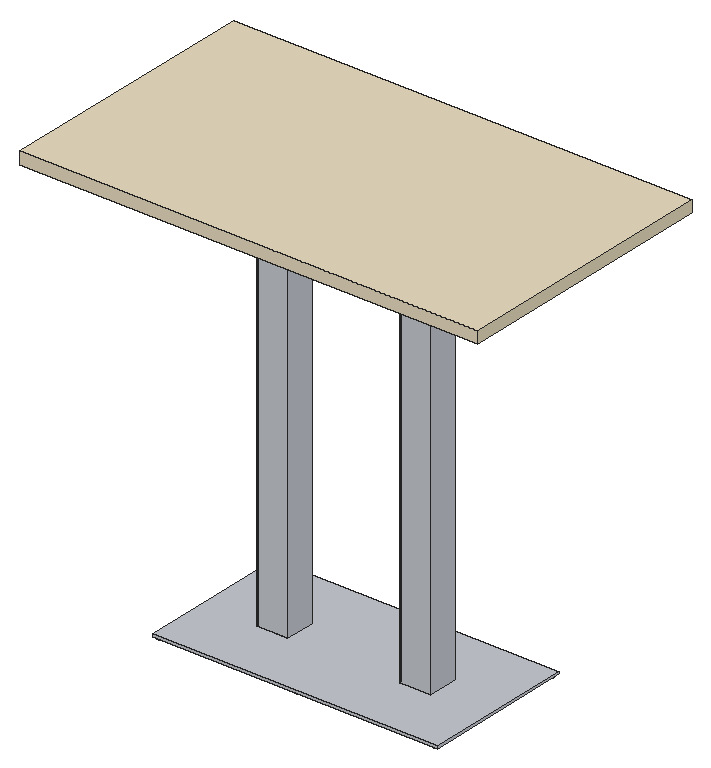
Revit family "FU_Table_Sandler_591AQ-MT", category Furniture, Revit 2020
Family settings
  OmniClass Number = 23.40.20.00
  OmniClass Title = General Furniture and Specialties
  Work Plane-Based = No
  Always vertical = Yes
  Cut with Voids When Loaded = No
  Shared = No
  Room Calculation Point = No
Parameters (values of type "591AQ-MT - 28x48" Top")
  Width = 747 mm
  URL = "https://www.sandlerseating.com/product/591aq-mt/"
  Top Type = FU_TableTops_591AQ-MT : 28x48" Top (70x120cm)
  Top Finish [instance] = Wood - Beech - Honey Stained
  Model = "591AQ-MT"
  Manufacturer = "Sandler"
  Height = 1100 mm
  Frame Finish [instance] = Metal - Paint -AL VR - White Aluminium
  Description = "Double column table base. Available in powdercoat and painted finishes.\r\nOptional upcharge for outdoor version with galvanized-treated frame and adjustable feet."
  Depth = 397 mm
  Default Elevation = 0 mm
Types (4, lengths in mm): name | Top Type | Top Finish | Frame Finish
  591AQ-MT - 28x48" Top | FU_TableTops_591AQ-MT : 28x48" Top (70x120cm) | Wood - Beech - Honey Stained | Metal - Paint -AL VR - White Aluminium
  591AQ-MT - 28x52" Top | FU_TableTops_591AQ-MT : 28x52" Top (70x130cm) | Wood - Beech - Grey Stained | Metal - Paint -AL VR - Pure White
  591AQ-MT - 32x48" Top | FU_TableTops_591AQ-MT : 32x48" Top (80x120cm) | Wood - Beech - Dark Brown Stained | Metal - Paint -AL VR - Rough Metallic Bronze
  591AQ-MT - 32x52" Top | FU_TableTops_591AQ-MT : 32x52" Top (80x130cm) | Wood - Beech - Chestnut Stained | Metal - Paint -AL VR - Anthracite Grey
Reference planes
  plane 1 "Center (Front/Back)": y = 0
  plane 2: z = 0
  plane 3 "Center (Left/Right)": x = 0
  plane 4 "Right": x = -373.5
  plane 5 "Left": x = 373.5
  plane 6 "Back": y = 198.5
  plane 7 "Front": y = -198.5
  plane 8 "Height": z = 1100
  plane 9 "Glide height": z = 4
  plane 10 "LG H": y = 185.83
  plane 11: x = -360.83
  plane 12: x = -187.5
Forms (mm)
  Extrusion 1, solid, material "Metal - Paint -AL VR - White Aluminium" <- "Frame Finish"
    sketch origin (0, 0, 4) x (-1, 0, 0) y (0, -1, 0)
      loop
        line (373.5, -198.5) -> (373.5, 198.5) -> (-373.5, 198.5) -> (-373.5, -198.5) -> (373.5, -198.5)
    from 0 to 6
  Revolve 2, solid, material "Rubber, Black"
    sketch origin (0, 185.83, 0) x (-1, 0, 0) y (0, 0, 1)
      loop
        line (370.83, 4) -> (360.83, 4) -> (360.83, 0) -> (368.83, 0)
        arc (368.83, 0) -> (370.244, 0.586) -> (370.83, 2) r 2
        line (370.83, 2) -> (370.83, 4)
      axis (360.83, 4) -> (360.83, 0)
    angle from 0 to 360
  Revolve 3, solid, material "Rubber, Black"
    sketch origin (0, 185.83, 0) x (1, 0, 0) y (0, 0, 1)
      loop
        line (370.83, 4) -> (360.83, 4) -> (360.83, 0) -> (368.83, 0)
        arc (368.83, 0) -> (370.244, 0.586) -> (370.83, 2) r 2
        line (370.83, 2) -> (370.83, 4)
      axis (360.83, 4) -> (360.83, 0)
    angle from 0 to 360
  Revolve 4, solid, material "Rubber, Black"
    sketch origin (0, -185.83, 0) x (-1, 0, 0) y (0, 0, -1)
      loop
        line (370.83, -4) -> (370.83, -2)
        arc (370.83, -2) -> (370.244, -0.586) -> (368.83, 0) r 2
        line (368.83, 0) -> (360.83, 0) -> (360.83, -4) -> (370.83, -4)
      axis (360.83, -4) -> (360.83, 0)
    angle from 0 to 360
  Revolve 5, solid, material "Rubber, Black"
    sketch origin (0, -185.83, 0) x (1, 0, 0) y (0, 0, 1)
      loop
        line (370.83, 4) -> (360.83, 4) -> (360.83, 0) -> (368.83, 0)
        arc (368.83, 0) -> (370.244, 0.586) -> (370.83, 2) r 2
        line (370.83, 2) -> (370.83, 4)
      axis (360.83, 4) -> (360.83, 0)
    angle from 0 to 360
  Revolve 6, solid, material "Rubber, Black"
    sketch origin (-360.83, 185.83, 0) x (1, 0, 0) y (0, 0, 1)
      loop
        line (370.83, 4) -> (360.83, 4) -> (360.83, 0) -> (368.83, 0)
        arc (368.83, 0) -> (370.244, 0.586) -> (370.83, 2) r 2
        line (370.83, 2) -> (370.83, 4)
      axis (360.83, 4) -> (360.83, 0)
    angle from 0 to 360
  Revolve 7, solid, material "Rubber, Black"
    sketch origin (-360.83, -185.83, 0) x (1, 0, 0) y (0, 0, 1)
      loop
        line (370.83, 4) -> (360.83, 4) -> (360.83, 0) -> (368.83, 0)
        arc (368.83, 0) -> (370.244, 0.586) -> (370.83, 2) r 2
        line (370.83, 2) -> (370.83, 4)
      axis (360.83, 4) -> (360.83, 0)
    angle from 0 to 360
  Extrusion 8, solid, material "Metal - Paint -AL VR - White Aluminium" <- "Frame Finish"
    sketch origin (0, 0, 4) x (-1, 0, 0) y (0, -1, 0)
      loop
        line (227.5, -40) -> (227.5, 40) -> (147.5, 40) -> (147.5, -40) -> (227.5, -40)
      loop
        line (225.5, -38) -> (225.5, 38) -> (149.5, 38) -> (149.5, -38) -> (225.5, -38)
    from 6 to 1076
  Extrusion 9, solid, material "Metal - Paint -AL VR - White Aluminium" <- "Frame Finish"
    sketch origin (0, 0, 4) x (1, 0, 0) y (0, 1, 0)
      loop
        line (227.5, 40) -> (147.5, 40) -> (147.5, -40) -> (227.5, -40) -> (227.5, 40)
      loop
        line (225.5, 38) -> (149.5, 38) -> (149.5, -38) -> (225.5, -38) -> (225.5, 38)
    from 6 to 1076
  Extrusion 10, solid, material "Metal - Paint -AL VR - White Aluminium" <- "Frame Finish"
    sketch origin (0, 0, 1100) x (-1, 0, 0) y (0, -1, 0)
      loop
        line (235.5, 44.024) -> (307.236, 115.76)
        arc (307.236, 115.76) -> (304.418, 118.6) -> (301.532, 121.37) r 166.741
        line (301.532, 121.37) -> (227.879, 47.718) -> (147.12, 47.718) -> (73.468, 121.37)
        arc (73.468, 121.37) -> (70.582, 118.6) -> (67.764, 115.76) r 166.741
        line (67.764, 115.76) -> (139.5, 44.024) -> (139.5, -44.024) -> (67.486, -116.038)
        arc (67.486, -116.038) -> (70.298, -118.884) -> (73.177, -121.661) r 166.741
        line (73.177, -121.661) -> (146.556, -48.282) -> (228.444, -48.282) -> (301.823, -121.661)
        arc (301.823, -121.661) -> (304.702, -118.884) -> (307.514, -116.038) r 166.741
        line (307.514, -116.038) -> (235.5, -44.024) -> (235.5, 44.024)
    from -5.84 to -20
  Extrusion 11, solid, material "Metal - Paint -AL VR - White Aluminium" <- "Frame Finish"
    sketch origin (0, 0, 1100) x (-1, 0, 0) y (0, -1, 0)
      loop
        arc (235.5, 9.198) -> (237.694, 20.46) -> (243.955, 30.074) r 30
        line (243.955, 30.074) -> (342.527, 131.809)
        arc (342.527, 131.809) -> (344.782, 137.439) -> (342.439, 143.033) r 8
        line (342.439, 143.033) -> (329.622, 155.85)
        arc (329.622, 155.85) -> (323.965, 158.193) -> (318.308, 155.85) r 8
        line (318.308, 155.85) -> (219.527, 57.069)
        arc (219.527, 57.069) -> (209.794, 50.566) -> (198.314, 48.282) r 30
        line (198.314, 48.282) -> (176.686, 48.282)
        arc (176.686, 48.282) -> (165.206, 50.566) -> (155.473, 57.069) r 30
        line (155.473, 57.069) -> (56.692, 155.85)
        arc (56.692, 155.85) -> (51.035, 158.193) -> (45.378, 155.85) r 8
        line (45.378, 155.85) -> (32.561, 143.033)
        arc (32.561, 143.033) -> (30.218, 137.439) -> (32.473, 131.809) r 8
        line (32.473, 131.809) -> (131.045, 30.074)
        arc (131.045, 30.074) -> (137.306, 20.46) -> (139.5, 9.198) r 30
        line (139.5, 9.198) -> (139.5, -9.198)
        arc (139.5, -9.198) -> (137.306, -20.46) -> (131.045, -30.074) r 30
        line (131.045, -30.074) -> (32.473, -131.809)
        arc (32.473, -131.809) -> (30.218, -137.439) -> (32.561, -143.033) r 8
        line (32.561, -143.033) -> (45.378, -155.85)
        arc (45.378, -155.85) -> (51.035, -158.193) -> (56.692, -155.85) r 8
        line (56.692, -155.85) -> (155.473, -57.069)
        arc (155.473, -57.069) -> (165.206, -50.566) -> (176.686, -48.282) r 30
        line (176.686, -48.282) -> (198.314, -48.282)
        arc (198.314, -48.282) -> (209.794, -50.566) -> (219.527, -57.069) r 30
        line (219.527, -57.069) -> (318.308, -155.85)
        arc (318.308, -155.85) -> (323.965, -158.193) -> (329.622, -155.85) r 8
        line (329.622, -155.85) -> (342.439, -143.033)
        arc (342.439, -143.033) -> (344.782, -137.439) -> (342.527, -131.809) r 8
        line (342.527, -131.809) -> (243.955, -30.074)
        arc (243.955, -30.074) -> (237.694, -20.46) -> (235.5, -9.198) r 30
        line (235.5, -9.198) -> (235.5, 9.198)
      loop
        line (53.101, -141.055) -> (62.998, -131.158)
        arc (62.998, -131.158) -> (62.998, -125.502) -> (57.342, -125.502) r 3.999
        line (57.342, -125.502) -> (47.445, -135.399)
        arc (47.445, -135.399) -> (47.5, -141.001) -> (53.101, -141.055) r 4
      loop
        arc (321.899, -141.055) -> (327.5, -141.001) -> (327.555, -135.399) r 4
        line (327.555, -135.399) -> (317.658, -125.502)
        arc (317.658, -125.502) -> (312.002, -125.502) -> (312.002, -131.158) r 3.999
        line (312.002, -131.158) -> (321.899, -141.055)
      loop
        arc (53.101, 141.055) -> (47.5, 141.001) -> (47.445, 135.399) r 4
        line (47.445, 135.399) -> (57.342, 125.502)
        arc (57.342, 125.502) -> (62.998, 125.502) -> (62.998, 131.158) r 3.999
        line (62.998, 131.158) -> (53.101, 141.055)
      loop
        line (321.899, 141.055) -> (312.002, 131.158)
        arc (312.002, 131.158) -> (312.002, 125.502) -> (317.658, 125.502) r 3.999
        line (317.658, 125.502) -> (327.555, 135.399)
        arc (327.555, 135.399) -> (327.5, 141.001) -> (321.899, 141.055) r 4
      loop
        circle (187.5, 0) r 7.5
    from -9.84 to 0
  Extrusion 12, solid, material "Metal - Paint -AL VR - White Aluminium" <- "Frame Finish"
    sketch origin (0, 0, 1100) x (1, 0, 0) y (0, 1, 0)
      loop
        line (235.5, -44.024) -> (235.5, 44.024) -> (307.514, 116.038)
        arc (307.514, 116.038) -> (304.702, 118.884) -> (301.823, 121.661) r 166.741
        line (301.823, 121.661) -> (228.444, 48.282) -> (146.556, 48.282) -> (73.177, 121.661)
        arc (73.177, 121.661) -> (70.298, 118.884) -> (67.486, 116.038) r 166.741
        line (67.486, 116.038) -> (139.5, 44.024) -> (139.5, -44.024) -> (67.764, -115.76)
        arc (67.764, -115.76) -> (70.582, -118.6) -> (73.468, -121.37) r 166.741
        line (73.468, -121.37) -> (147.12, -47.718) -> (227.879, -47.718) -> (301.532, -121.37)
        arc (301.532, -121.37) -> (304.418, -118.6) -> (307.236, -115.76) r 166.741
        line (307.236, -115.76) -> (235.5, -44.024)
    from -5.84 to -20
  Extrusion 13, solid, material "Metal - Paint -AL VR - White Aluminium" <- "Frame Finish"
    sketch origin (0, 0, 1100) x (1, 0, 0) y (0, 1, 0)
      loop
        line (235.5, -9.198) -> (235.5, 9.198)
        arc (235.5, 9.198) -> (237.694, 20.46) -> (243.955, 30.074) r 30
        line (243.955, 30.074) -> (342.527, 131.809)
        arc (342.527, 131.809) -> (344.782, 137.439) -> (342.439, 143.033) r 8
        line (342.439, 143.033) -> (329.622, 155.85)
        arc (329.622, 155.85) -> (323.965, 158.193) -> (318.308, 155.85) r 8
        line (318.308, 155.85) -> (219.527, 57.069)
        arc (219.527, 57.069) -> (209.794, 50.566) -> (198.314, 48.282) r 30
        line (198.314, 48.282) -> (176.686, 48.282)
        arc (176.686, 48.282) -> (165.206, 50.566) -> (155.473, 57.069) r 30
        line (155.473, 57.069) -> (56.692, 155.85)
        arc (56.692, 155.85) -> (51.035, 158.193) -> (45.378, 155.85) r 8
        line (45.378, 155.85) -> (32.561, 143.033)
        arc (32.561, 143.033) -> (30.218, 137.439) -> (32.473, 131.809) r 8
        line (32.473, 131.809) -> (131.045, 30.074)
        arc (131.045, 30.074) -> (137.306, 20.46) -> (139.5, 9.198) r 30
        line (139.5, 9.198) -> (139.5, -9.198)
        arc (139.5, -9.198) -> (137.306, -20.46) -> (131.045, -30.074) r 30
        line (131.045, -30.074) -> (32.473, -131.809)
        arc (32.473, -131.809) -> (30.218, -137.439) -> (32.561, -143.033) r 8
        line (32.561, -143.033) -> (45.378, -155.85)
        arc (45.378, -155.85) -> (51.035, -158.193) -> (56.692, -155.85) r 8
        line (56.692, -155.85) -> (155.473, -57.069)
        arc (155.473, -57.069) -> (165.206, -50.566) -> (176.686, -48.282) r 30
        line (176.686, -48.282) -> (198.314, -48.282)
        arc (198.314, -48.282) -> (209.794, -50.566) -> (219.527, -57.069) r 30
        line (219.527, -57.069) -> (318.308, -155.85)
        arc (318.308, -155.85) -> (323.965, -158.193) -> (329.622, -155.85) r 8
        line (329.622, -155.85) -> (342.439, -143.033)
        arc (342.439, -143.033) -> (344.782, -137.439) -> (342.527, -131.809) r 8
        line (342.527, -131.809) -> (243.955, -30.074)
        arc (243.955, -30.074) -> (237.694, -20.46) -> (235.5, -9.198) r 30
      loop
        arc (53.101, 141.055) -> (47.5, 141.001) -> (47.445, 135.399) r 4
        line (47.445, 135.399) -> (57.342, 125.502)
        arc (57.342, 125.502) -> (62.998, 125.502) -> (62.998, 131.158) r 3.999
        line (62.998, 131.158) -> (53.101, 141.055)
      loop
        line (321.899, 141.055) -> (312.002, 131.158)
        arc (312.002, 131.158) -> (312.002, 125.502) -> (317.658, 125.502) r 3.999
        line (317.658, 125.502) -> (327.555, 135.399)
        arc (327.555, 135.399) -> (327.5, 141.001) -> (321.899, 141.055) r 4
      loop
        line (53.101, -141.055) -> (62.998, -131.158)
        arc (62.998, -131.158) -> (62.998, -125.502) -> (57.342, -125.502) r 3.999
        line (57.342, -125.502) -> (47.445, -135.399)
        arc (47.445, -135.399) -> (47.5, -141.001) -> (53.101, -141.055) r 4
      loop
        arc (321.899, -141.055) -> (327.5, -141.001) -> (327.555, -135.399) r 4
        line (327.555, -135.399) -> (317.658, -125.502)
        arc (317.658, -125.502) -> (312.002, -125.502) -> (312.002, -131.158) r 3.999
        line (312.002, -131.158) -> (321.899, -141.055)
      loop
        circle (187.5, 0) r 7.5
    from -9.84 to 0
Cuts and joins
  joined: Extrusion 1, Extrusion 8, Extrusion 9, Extrusion 10, Extrusion 11, Extrusion 12, Extrusion 13
Dimensions and locks
  equal spacing: plane 4 "Right", plane 3 "Center (Left/Right)", plane 5 "Left"
  "Width": plane 4 "Right" to plane 5 "Left"
  equal spacing: plane 6 "Back", plane 1 "Center (Front/Back)", plane 7 "Front"
  "Depth": plane 6 "Back" to plane 7 "Front"
  "Height": plane 8 "Height" to level
  plane 9 "Glide height" to level = 4 mm
  aligned and locked: level to plane 2
Automatic sketch dimensions
  Extrusion 1 sketch curve to plane 5 "Left" = 0 mm
  Extrusion 1 sketch curve to plane 4 "Right" = 0 mm
  Extrusion 1 sketch curve to plane 6 "Back" = 0 mm
  Extrusion 1 sketch curve to plane 7 "Front" = 0 mm
  Revolve 2 sketch curve to plane 9 "Glide height" = 0 mm  (x2)
  plane 11 to Revolve 2 sketch curve = 0 mm  (x2)
  Revolve 2 sketch curve to level = 0 mm
  level to Revolve 2 sketch curve = 2 mm
  Revolve 2 sketch curve to plane 4 "Right" = 4.67 mm
  Revolve 2 sketch curve to level = 1.303 mm
  Revolve 3 sketch curve to plane 9 "Glide height" = 0 mm  (x2)
  Revolve 3 sketch curve to level = 0 mm
  Revolve 3 sketch curve to plane 5 "Left" = 12.67 mm
  Revolve 3 sketch curve to level = 2 mm
  Revolve 3 sketch curve to plane 5 "Left" = 4.67 mm
  Revolve 3 sketch curve to Revolve 3 sketch curve = 0 mm
  Revolve 3 sketch curve to Revolve 3 sketch curve = 1.303 mm
  Revolve 4 sketch curve to plane 9 "Glide height" = 0 mm  (x2)
  plane 11 to Revolve 4 sketch curve = 0 mm  (x2)
  Revolve 4 sketch curve to level = 0 mm
  level to Revolve 4 sketch curve = 2 mm
  Revolve 4 sketch curve to plane 4 "Right" = 4.67 mm
  Revolve 4 sketch curve to level = 1.303 mm
  Revolve 5 sketch curve to plane 9 "Glide height" = 0 mm  (x2)
  Revolve 5 sketch curve to level = 0 mm
  plane 5 "Left" to Revolve 5 sketch curve = 12.67 mm
  level to Revolve 5 sketch curve = 2 mm
  plane 5 "Left" to Revolve 5 sketch curve = 4.67 mm
  Revolve 5 sketch curve to Revolve 5 sketch curve = 0 mm
  Revolve 5 sketch curve to Revolve 5 sketch curve = 1.303 mm
  Revolve 6 sketch curve to plane 9 "Glide height" = 0 mm  (x2)
  Revolve 6 sketch curve to level = 0 mm
  plane 3 "Center (Left/Right)" to Revolve 6 sketch curve = 0 mm
  Revolve 6 sketch curve to level = 2 mm
  Revolve 6 sketch curve to plane 3 "Center (Left/Right)" = 8 mm
  Revolve 6 sketch curve to Revolve 6 sketch curve = 0 mm
  Revolve 6 sketch curve to Revolve 6 sketch curve = 1.303 mm
  Revolve 7 sketch curve to plane 9 "Glide height" = 0 mm  (x2)
  Revolve 7 sketch curve to level = 0 mm
  Revolve 7 sketch curve to plane 3 "Center (Left/Right)" = 0 mm
  level to Revolve 7 sketch curve = 2 mm
  plane 3 "Center (Left/Right)" to Revolve 7 sketch curve = 8 mm
  Revolve 7 sketch curve to Revolve 7 sketch curve = 0 mm
  Revolve 7 sketch curve to Revolve 7 sketch curve = 1.303 mm
  Extrusion 8 sketch curve to plane 12 = 40 mm
  Extrusion 8 sketch curve to Extrusion 8 sketch curve = 2 mm  (x4)
  plane 12 to Extrusion 8 sketch curve = 38 mm
  Extrusion 8 sketch curve to plane 1 "Center (Front/Back)" = 40 mm
  plane 1 "Center (Front/Back)" to Extrusion 8 sketch curve = 38 mm
  plane 1 "Center (Front/Back)" to Extrusion 9 sketch curve = 40 mm
  Extrusion 9 sketch curve to plane 3 "Center (Left/Right)" = 147.5 mm
  Extrusion 9 sketch curve to Extrusion 9 sketch curve = 2 mm  (x4)
  Extrusion 9 sketch curve to Extrusion 9 sketch curve = 76 mm
  Extrusion 9 sketch curve to plane 1 "Center (Front/Back)" = 38 mm
  Extrusion 10 sketch curve to Extrusion 10 sketch curve = 0 mm  (x12)
  Extrusion 10 sketch curve to plane 12 = 0 mm
  Extrusion 10 sketch curve to plane 12 = 40.38 mm
  Extrusion 10 sketch curve to plane 12 = 40.944 mm
  Extrusion 10 sketch curve to Extrusion 10 sketch curve = 7.056 mm  (x2)
  Extrusion 10 sketch curve to plane 3 "Center (Left/Right)" = 73.468 mm
  Extrusion 10 sketch curve to plane 3 "Center (Left/Right)" = 73.177 mm
  Extrusion 10 sketch curve to Extrusion 10 sketch curve = 5.704 mm  (x2)
  Extrusion 10 sketch curve to Extrusion 10 sketch curve = 5.691 mm  (x2)
  plane 12 to Extrusion 10 sketch curve = 40.38 mm
  plane 12 to Extrusion 10 sketch curve = 40.944 mm
  Extrusion 10 sketch curve to plane 11 = 59.298 mm
  Extrusion 10 sketch curve to plane 11 = 59.007 mm
  Extrusion 10 sketch curve to plane 10 "LG H" = 64.169 mm  (x2)
  Extrusion 10 sketch curve to Extrusion 10 sketch curve = 5.623 mm
  Extrusion 10 sketch curve to plane 1 "Center (Front/Back)" = 48.282 mm
  Extrusion 10 sketch curve to Extrusion 10 sketch curve = 4.258 mm  (x2)
  plane 1 "Center (Front/Back)" to Extrusion 10 sketch curve = 44.024 mm  (x2)
  Extrusion 10 sketch curve to Extrusion 10 sketch curve = 3.693 mm
  plane 7 "Front" to Extrusion 10 sketch curve = 82.74 mm  (x2)
  plane 1 "Center (Front/Back)" to Extrusion 11 sketch curve = 0 mm
  Extrusion 11 sketch curve to plane 12 = 0 mm
  Extrusion 11 sketch curve to plane 12 = 10.814 mm  (x2)
  Extrusion 11 sketch curve to Extrusion 11 sketch curve = 21.213 mm  (x5)
  plane 1 "Center (Front/Back)" to Extrusion 11 sketch curve = 9.198 mm  (x2)
  Extrusion 11 sketch curve to plane 12 = 48 mm
  Extrusion 11 sketch curve to plane 1 "Center (Front/Back)" = 30.074 mm  (x2)
  Extrusion 11 sketch curve to Extrusion 11 sketch curve = 8.455 mm  (x4)
  plane 1 "Center (Front/Back)" to Extrusion 11 sketch curve = 30.074 mm  (x2)
  Extrusion 11 sketch curve to plane 1 "Center (Front/Back)" = 9.198 mm  (x2)
  Extrusion 11 sketch curve to plane 3 "Center (Left/Right)" = 62.998 mm  (x2)
  Extrusion 11 sketch curve to Extrusion 11 sketch curve = 2.828 mm  (x12)
  Extrusion 11 sketch curve to Extrusion 11 sketch curve = 6.306 mm  (x4)
  Extrusion 11 sketch curve to Extrusion 11 sketch curve = 9.897 mm  (x8)
  Extrusion 11 sketch curve to Extrusion 11 sketch curve = 5.657 mm  (x18)
  Extrusion 11 sketch curve to Extrusion 11 sketch curve = 2.773 mm  (x6)
  Extrusion 11 sketch curve to Extrusion 11 sketch curve = 2.883 mm  (x6)
  Extrusion 11 sketch curve to plane 10 "LG H" = 29.98 mm  (x2)
  Extrusion 11 sketch curve to Extrusion 11 sketch curve = 9.227 mm  (x4)
  Extrusion 11 sketch curve to Extrusion 11 sketch curve = 5.745 mm  (x4)
  plane 12 to Extrusion 11 sketch curve = 10.814 mm  (x2)
  plane 12 to Extrusion 11 sketch curve = 48 mm
  Extrusion 11 sketch curve to plane 11 = 48.828 mm  (x2)
  Extrusion 11 sketch curve to Extrusion 11 sketch curve = 12.817 mm  (x2)
  Extrusion 11 sketch curve to Extrusion 11 sketch curve = 9.138 mm  (x4)
  Extrusion 11 sketch curve to Extrusion 11 sketch curve = 48.208 mm
  Extrusion 11 sketch curve to Extrusion 11 sketch curve = 0 mm
  plane 1 "Center (Front/Back)" to Extrusion 11 sketch curve = 48.282 mm
  Extrusion 11 sketch curve to Extrusion 11 sketch curve = 8.787 mm  (x2)
  plane 7 "Front" to Extrusion 11 sketch curve = 72.998 mm  (x2)
  Extrusion 11 sketch curve to Extrusion 11 sketch curve = 6.307 mm  (x2)
  Extrusion 11 sketch curve to Extrusion 11 sketch curve = 5.567 mm  (x2)
  Extrusion 12 sketch curve to Extrusion 12 sketch curve = 0 mm  (x12)
  Extrusion 12 sketch curve to plane 3 "Center (Left/Right)" = 67.486 mm
  Extrusion 12 sketch curve to plane 3 "Center (Left/Right)" = 67.764 mm
  Extrusion 12 sketch curve to Extrusion 12 sketch curve = 5.691 mm  (x2)
  Extrusion 12 sketch curve to Extrusion 12 sketch curve = 5.704 mm  (x2)
  plane 1 "Center (Front/Back)" to Extrusion 12 sketch curve = 44.024 mm  (x2)
  Extrusion 12 sketch curve to Extrusion 12 sketch curve = 72.014 mm
  plane 1 "Center (Front/Back)" to Extrusion 12 sketch curve = 48.282 mm
  Extrusion 12 sketch curve to Extrusion 12 sketch curve = 7.056 mm  (x2)
  Extrusion 12 sketch curve to plane 1 "Center (Front/Back)" = 47.718 mm
  Extrusion 12 sketch curve to Extrusion 12 sketch curve = 7.62 mm
  plane 1 "Center (Front/Back)" to Extrusion 12 sketch curve = 0.282 mm
  Extrusion 12 sketch curve to Extrusion 12 sketch curve = 40.38 mm  (x2)
  Extrusion 12 sketch curve to Extrusion 12 sketch curve = 40.944 mm
  Extrusion 12 sketch curve to plane 5 "Left" = 71.968 mm
  Extrusion 12 sketch curve to plane 5 "Left" = 71.677 mm
  plane 10 "LG H" to Extrusion 12 sketch curve = 69.792 mm  (x2)
  Extrusion 12 sketch curve to Extrusion 12 sketch curve = 3.693 mm  (x2)
  Extrusion 12 sketch curve to plane 7 "Front" = 82.74 mm  (x2)
  plane 1 "Center (Front/Back)" to Extrusion 13 sketch curve = 0 mm
  Extrusion 13 sketch curve to plane 3 "Center (Left/Right)" = 32.473 mm  (x2)
  Extrusion 13 sketch curve to Extrusion 13 sketch curve = 0.089 mm  (x2)
  Extrusion 13 sketch curve to Extrusion 13 sketch curve = 5.745 mm  (x4)
  Extrusion 13 sketch curve to Extrusion 13 sketch curve = 12.817 mm  (x4)
  Extrusion 13 sketch curve to Extrusion 13 sketch curve = 9.227 mm  (x4)
  Extrusion 13 sketch curve to Extrusion 13 sketch curve = 2.883 mm  (x6)
  Extrusion 13 sketch curve to Extrusion 13 sketch curve = 5.657 mm  (x16)
  Extrusion 13 sketch curve to Extrusion 13 sketch curve = 2.773 mm  (x6)
  plane 10 "LG H" to Extrusion 13 sketch curve = 29.98 mm  (x2)
  Extrusion 13 sketch curve to Extrusion 13 sketch curve = 9.897 mm  (x8)
  Extrusion 13 sketch curve to Extrusion 13 sketch curve = 2.828 mm  (x12)
  plane 1 "Center (Front/Back)" to Extrusion 13 sketch curve = 9.198 mm  (x2)
  Extrusion 13 sketch curve to plane 3 "Center (Left/Right)" = 109.5 mm
  Extrusion 13 sketch curve to Extrusion 13 sketch curve = 0 mm
  Extrusion 13 sketch curve to plane 1 "Center (Front/Back)" = 30.074 mm  (x2)
  Extrusion 13 sketch curve to Extrusion 13 sketch curve = 21.545 mm  (x2)
  plane 1 "Center (Front/Back)" to Extrusion 13 sketch curve = 30.074 mm  (x2)
  Extrusion 13 sketch curve to plane 1 "Center (Front/Back)" = 57.069 mm  (x2)
  Extrusion 13 sketch curve to Extrusion 13 sketch curve = 24.427 mm  (x2)
  plane 1 "Center (Front/Back)" to Extrusion 13 sketch curve = 57.069 mm  (x2)
  Extrusion 13 sketch curve to Extrusion 13 sketch curve = 21.213 mm  (x5)
  Extrusion 13 sketch curve to Extrusion 13 sketch curve = 48 mm  (x2)
  Extrusion 13 sketch curve to Extrusion 13 sketch curve = 21.628 mm  (x2)
  Extrusion 13 sketch curve to plane 1 "Center (Front/Back)" = 9.198 mm
  Extrusion 13 sketch curve to Extrusion 13 sketch curve = 8.455 mm  (x2)
  Extrusion 13 sketch curve to plane 5 "Left" = 61.498 mm  (x2)
  Extrusion 13 sketch curve to Extrusion 13 sketch curve = 6.306 mm  (x2)
  Extrusion 13 sketch curve to Extrusion 13 sketch curve = 9.138 mm  (x4)
  Extrusion 13 sketch curve to Extrusion 13 sketch curve = 8.787 mm
  Extrusion 13 sketch curve to plane 7 "Front" = 72.998 mm  (x2)
  Extrusion 13 sketch curve to Extrusion 13 sketch curve = 6.307 mm  (x2)
  Extrusion 13 sketch curve to Extrusion 13 sketch curve = 5.567 mm  (x2)
  radius of Extrusion 11 sketch curve = 7.5 mm
  radius of Extrusion 13 sketch curve = 7.5 mm
Nested families
  nested 1: "FU_TableTops_591AQ-MT" at (0, 0, 0), Top Finish <- "Top Finish", type <- "Top Type", type "28x48" Top (70x120cm)"
    with Top Finish Wood - Beech - Honey Stained
Definition of nested family "FU_TableTops_591AQ-MT"
  Parameters (values of type "32x52" Top (80x130cm)")
    Width = 1300 mm
    Top Finish [instance] = none
    Elevation = 1100 mm
    Depth = 800 mm
    Default Elevation = 0 mm
  Types (5, lengths in mm): name | Width | Depth
    (no name) | 1300 | 800
    28x48" Top (70x120cm) | 1200 | 700
    28x52" Top (70x130cm) | 1300 | 700
    32x48" Top (80x120cm) | 1200 | 800
    32x52" Top (80x130cm) | 1300 | 800
  Reference planes
    plane 1 "Center (Front/Back)": y = 0
    plane 2: z = 0
    plane 3 "Center (Left/Right)": x = 0
    plane 4 "Right": x = -650
    plane 5 "Left": x = 650
    plane 6 "Back": y = 400
    plane 7 "Front": y = -400
    plane 8 "Elevation": z = 1100
    plane 9 "Top Height": z = 1131.75
  Forms (mm)
    Extrusion 1, solid, material <- "Top Finish"
      sketch origin (0, 0, 1100) x (-1, 0, 0) y (0, -1, 0)
        loop
          line (650, -400) -> (650, 400) -> (-650, 400) -> (-650, -400) -> (650, -400)
      from 0 to 31.75
  Dimensions and locks
    equal spacing: plane 4 "Right", plane 3 "Center (Left/Right)", plane 5 "Left"
    "Width": plane 4 "Right" to plane 5 "Left"
    equal spacing: plane 6 "Back", plane 1 "Center (Front/Back)", plane 7 "Front"
    "Depth": plane 6 "Back" to plane 7 "Front"
    "Elevation": plane 8 "Elevation" to level
    locked: plane 9 "Top Height" to plane 8 "Elevation" at 31.75
    aligned and locked: level to plane 2
    aligned and locked: Extrusion 1 sketch curve to plane 6 "Back"
    aligned and locked: Extrusion 1 sketch curve to plane 4 "Right"
    aligned and locked: plane 7 "Front" to Extrusion 1 sketch curve
    aligned and locked: plane 5 "Left" to Extrusion 1 sketch curve
    aligned and locked: Extrusion 1 to plane 8 "Elevation"
    aligned and locked: plane 8 "Elevation" to Extrusion 1  (x2)
    aligned and locked: plane 9 "Top Height" to Extrusion 1
    aligned and locked: Extrusion 1 to plane 9 "Top Height"
